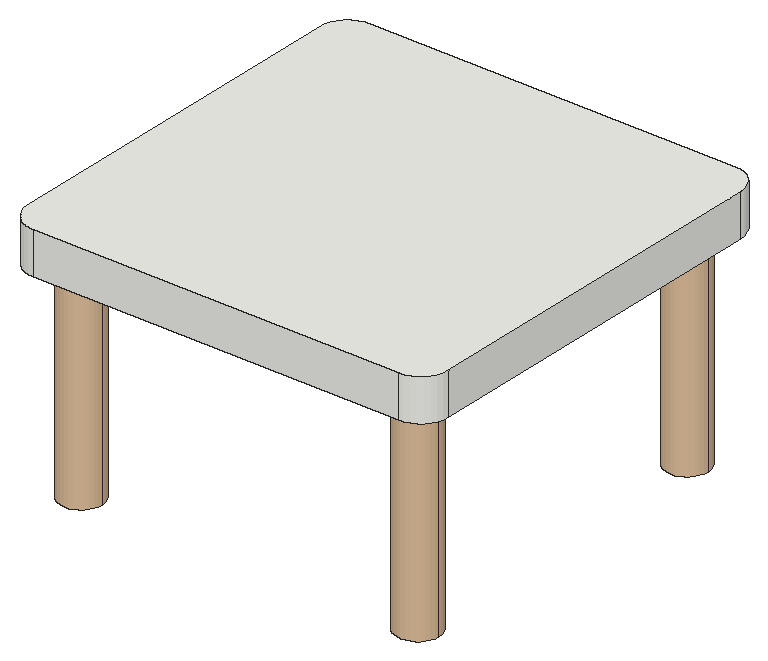
Revit family "0724ad2b5c514a909a9834dee13e5447", category Furniture, Revit 2021
Family settings
  OmniClass Number = 23.40.20.14.17
  OmniClass Title = Residential Tables and Cabinets
  Seek Item ID = Table-End-0000-USA-ENU
  Work Plane-Based = No
  Always vertical = Yes
  Cut with Voids When Loaded = No
  Shared = Yes
  Room Calculation Point = No
Parameters (values of type "30" x 30"")
  Default Elevation = 0' - 0"
  Assembly Code = "E2020200"
  Base Material = Birch
  Height = 1' - 6"
  Length = 2' - 6"
  Top Material = Laminate, Ivory, Matte
  Width = 2' - 6"
Types (4): name | Height | Length | Width
  (no name) | 1' - 6" | 2' - 6" | 2' - 6"
  24" x 24" | 2' - 6" | 2' - 0" | 2' - 0"
  30" x 30" | 1' - 6" | 2' - 6" | 2' - 6"
  24" x 36" | 2' - 6" | 2' - 0" | 3' - 0"
Reference planes (in)
  plane 1: y = 6
  plane 2: z = 0
  plane 3 "Left": x = 0.14699
  plane 4 "Right": x = 30.14699
  plane 5 "Back": y = 21
  plane 6 "Front": y = -9
  plane 7: x = 15.14699
Forms (in)
  Extrusion 1, solid, material "Laminate, Ivory, Matte" <- "Top Material"
    sketch origin (0, 0, 0) x (1, 0, 0) y (0, 1, 0)
      loop
        line (2.14699, -9) -> (28.14699, -9)
        arc (28.14699, -9) -> (29.56121, -8.41421) -> (30.14699, -7) r 2
        line (30.14699, -7) -> (30.14699, 19)
        arc (30.14699, 19) -> (29.56121, 20.41421) -> (28.14699, 21) r 2
        line (28.14699, 21) -> (2.14699, 21)
        arc (2.14699, 21) -> (0.73278, 20.41421) -> (0.14699, 19) r 2
        line (0.14699, 19) -> (0.14699, -7)
        arc (0.14699, -7) -> (0.73278, -8.41421) -> (2.14699, -9) r 2
    from 15 to 18
  Extrusion 2, solid, material "Birch" <- "Base Material"
    sketch origin (0, 0, 0) x (1, 0, 0) y (0, 1, 0)
      loop
        circle (3.14699, 18) r 1.5
      loop
        circle (3.14699, -6) r 1.5
      loop
        circle (27.14699, -6) r 1.5
      loop
        circle (27.14699, 18) r 1.5
    from 0 to 15
Lines and regions (in)
  Masking region 1
    outline origin (0, 0, 0) x (1, 0, 0) y (0, 1, 0)
      loop
        line (28.14699, 21) -> (2.14699, 21)
        arc (2.14699, 21) -> (0.73278, 20.41421) -> (0.14699, 19) r 2
        line (0.14699, 19) -> (0.14699, -7)
        arc (0.14699, -7) -> (0.73278, -8.41421) -> (2.14699, -9) r 2
        line (2.14699, -9) -> (28.14699, -9)
        arc (28.14699, -9) -> (29.56121, -8.41421) -> (30.14699, -7) r 2
        line (30.14699, -7) -> (30.14699, 19)
        arc (30.14699, 19) -> (29.56121, 20.41421) -> (28.14699, 21) r 2
Dimensions and locks (in)
  locked: Extrusion 1 to Extrusion 1 at 3
  "Height": Extrusion 1 to plane 2
  locked: Extrusion 1 to Extrusion 2 sketch curve at 3  (x8)
  "Width": plane 5 "Back" to plane 6 "Front"
  "Length": plane 3 "Left" to plane 4 "Right"
  equal spacing: plane 5 "Back", plane 1, plane 6 "Front"
  equal spacing: plane 3 "Left", plane 7, plane 4 "Right"
  radius of Extrusion 1 sketch curve = 0' - 2"  (x4)
  aligned and locked: level to plane 2
  aligned and locked: plane 6 "Front" to Extrusion 1 sketch curve
  aligned and locked: Extrusion 2 to Extrusion 1
  aligned and locked: plane 6 "Front" to Masking region 1 sketch curve
  aligned and locked: Masking region 1 sketch curve to plane 3 "Left"
  aligned and locked: plane 5 "Back" to Masking region 1 sketch curve
  aligned and locked: Masking region 1 sketch curve to plane 4 "Right"
Automatic sketch dimensions
  Extrusion 2 sketch curve to Extrusion 2 sketch curve = 0' - 1 1/2"  (x4)
  Extrusion 1 sketch curve to plane 3 "Left" = 0' - 0"
  Extrusion 1 sketch curve to plane 4 "Right" = 0' - 0"
  Extrusion 1 sketch curve to plane 5 "Back" = 0' - 0"
  Masking region 1 sketch curve to plane 5 "Back" = 0' - 2"  (x2)
  plane 3 "Left" to Masking region 1 sketch curve = 0' - 2"
  plane 4 "Right" to Masking region 1 sketch curve = 0' - 2"
